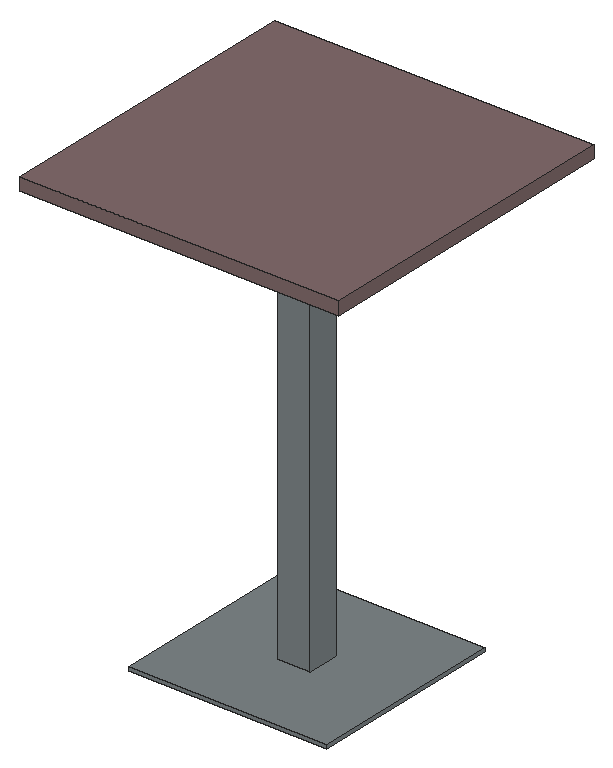
Revit family "FU_Table_Sandler_584A-MT", category Furniture, Revit 2020
Family settings
  OmniClass Number = 23.40.20.00
  OmniClass Title = General Furniture and Specialties
  Work Plane-Based = No
  Always vertical = Yes
  Cut with Voids When Loaded = No
  Shared = No
  Room Calculation Point = No
Parameters (values of type "584A MT - 32" Square Top (80cm)")
  Width = 497 mm
  URL = "https://www.sandlerseating.com/product/584a-mt/"
  Top Type = FU_TableTops_MT Sqr : 32" Square (80cm)
  Top Elevation = Height  # 1100 mm
  Top Finish [instance] = Wood - Beech - Dark Brown Stained
  Model = "584A MT"
  Manufacturer = "Sandler"
  Height = 1100 mm
  Frame Finish [instance] = Metal - Paint -AL VR - Anthracite Grey
  Description = "Table base. Available in powdercoat painted finishes.\r\nOptional upcharge for outdoor version with galvanized-treated frame and adjustable feet."
  Depth = Width  # 497 mm
  Default Elevation = 0 mm
Types (3, lengths in mm): name | Top Type | Top Finish | Frame Finish
  (no name) | FU_TableTops_MT Sqr : 32" Square (80cm) | Wood - Beech - Dark Brown Stained | Metal - Paint -AL VR - Anthracite Grey
  584A MT - 32" Square Top (80cm) | FU_TableTops_MT Sqr : 32" Square (80cm) | Wood - Beech - Dark Brown Stained | Metal - Paint -AL VR - Anthracite Grey
  584A MT - 32" Round Top (80cm) | FU_TableTops_MT Rnd : 32" Round (80cm) | Wood - Beech - Grey Stained | Metal - Paint -AL VR - Pure White
Reference planes
  plane 1 "Center (Front/Back)": y = 0
  plane 2: z = 0
  plane 3 "Center (Left/Right)": x = 0
  plane 4 "Right": x = -248.5
  plane 5 "Left": x = 248.5
  plane 6 "Back": y = 248.5
  plane 7 "Front": y = -248.5
  plane 8 "Height": z = 1100
  plane 9 "Top Support": z = 1080
  plane 10 "Glide Height": z = 6
  plane 11 "Base height": z = 14
  plane 12 "R Pad C": x = -232.5
  plane 13 "B Pad C": y = 232.5
  plane 14 "L Pad C": x = 232.5
  plane 15 "F Pad C": y = -232.5
Forms (mm)
  Extrusion 1, solid, material "Metal - Paint -AL VR - Anthracite Grey" <- "Frame Finish"
    sketch origin (0, 0, 6) x (-1, 0, 0) y (0, -1, 0)
      loop
        line (248.5, -248.5) -> (248.5, 248.5) -> (-248.5, 248.5) -> (-248.5, -248.5) -> (248.5, -248.5)
    from 0 to 8
  Revolve 2, solid, material "Rubber, Black"
    sketch origin (0, 0, 0) x (1, 0, 0) y (0, 0, 1)
      loop
        line (-232.5, 0) -> (-232.5, 6) -> (-240.5, 6) -> (-240.5, 2)
        arc (-240.5, 2) -> (-239.914, 0.586) -> (-238.5, 0) r 2
        line (-238.5, 0) -> (-232.5, 0)
      axis (-232.5, 6) -> (-232.5, 0)
    angle from 0 to 360
  Revolve 3, solid, material "Rubber, Black"
    sketch origin (0, 0, 0) x (-1, 0, 0) y (0, 0, 1)
      loop
        line (-232.5, 0) -> (-232.5, 6) -> (-240.5, 6) -> (-240.5, 2)
        arc (-240.5, 2) -> (-239.914, 0.586) -> (-238.5, 0) r 2
        line (-238.5, 0) -> (-232.5, 0)
      axis (-232.5, 6) -> (-232.5, 0)
    angle from 0 to 360
  Revolve 4, solid, material "Rubber, Black"
    sketch origin (0, 0, 0) x (0, 1, 0) y (0, 0, 1)
      loop
        line (-232.5, 6) -> (-240.5, 6) -> (-240.5, 2)
        arc (-240.5, 2) -> (-239.914, 0.586) -> (-238.5, 0) r 2
        line (-238.5, 0) -> (-232.5, 0) -> (-232.5, 6)
      axis (-232.5, 6) -> (-232.5, 0)
    angle from 0 to 360
  Revolve 5, solid, material "Rubber, Black"
    sketch origin (0, 0, 0) x (0, -1, 0) y (0, 0, 1)
      loop
        line (-232.5, 6) -> (-240.5, 6) -> (-240.5, 2)
        arc (-240.5, 2) -> (-239.914, 0.586) -> (-238.5, 0) r 2
        line (-238.5, 0) -> (-232.5, 0) -> (-232.5, 6)
      axis (-232.5, 6) -> (-232.5, 0)
    angle from 0 to 360
  Extrusion 6, solid, material "Metal - Paint -AL VR - Anthracite Grey" <- "Frame Finish"
    sketch origin (0, 0, 6) x (-1, 0, 0) y (0, -1, 0)
      loop
        line (-40, 40) -> (-40, -40) -> (40, -40) -> (40, 40) -> (-40, 40)
    from 0 to 1074
Dimensions and locks
  equal spacing: plane 4 "Right", plane 3 "Center (Left/Right)", plane 5 "Left"
  "Width": plane 4 "Right" to plane 5 "Left"
  equal spacing: plane 6 "Back", plane 1 "Center (Front/Back)", plane 7 "Front"
  "Depth": plane 6 "Back" to plane 7 "Front"
  "Height": plane 8 "Height" to level
  locked: plane 8 "Height" to plane 9 "Top Support" at 20
  locked: plane 4 "Right" to plane 12 "R Pad C" at 16
  plane 14 "L Pad C" to plane 5 "Left" = 16 mm
  locked: plane 6 "Back" to plane 13 "B Pad C" at 16
  locked: plane 15 "F Pad C" to plane 7 "Front" at 16
  aligned and locked: level to plane 2
  aligned and locked: plane 11 "Base height" to Extrusion 1
  aligned and locked: Extrusion 1 to plane 11 "Base height"  (x3)
  aligned and locked: plane 8 "Height" to nested 1
  aligned and locked: Extrusion 6 to plane 10 "Glide Height"
  aligned and locked: plane 9 "Top Support" to Extrusion 6
  aligned and locked: Extrusion 1 sketch curve to plane 6 "Back"
  aligned and locked: Extrusion 1 sketch curve to plane 4 "Right"
  aligned and locked: plane 7 "Front" to Extrusion 1 sketch curve
  aligned and locked: plane 5 "Left" to Extrusion 1 sketch curve
Automatic sketch dimensions
  Revolve 2 sketch curve to plane 10 "Glide Height" = 0 mm
  Revolve 2 sketch curve to level = 0 mm
  plane 12 "R Pad C" to Revolve 2 sketch curve = 0 mm  (x2)
  Revolve 2 sketch curve to Revolve 2 sketch curve = 6 mm
  Revolve 2 sketch curve to Revolve 2 sketch curve = 2 mm
  Revolve 2 sketch curve to level = 10.049 mm
  Revolve 2 sketch curve to plane 11 "Base height" = 2.095 mm
  Revolve 3 sketch curve to plane 10 "Glide Height" = 0 mm
  Revolve 3 sketch curve to level = 0 mm
  Revolve 3 sketch curve to plane 14 "L Pad C" = 0 mm  (x2)
  Revolve 3 sketch curve to Revolve 3 sketch curve = 6 mm
  Revolve 3 sketch curve to Revolve 3 sketch curve = 2 mm
  level to Revolve 3 sketch curve = 10.049 mm
  plane 11 "Base height" to Revolve 3 sketch curve = 2.095 mm
  Revolve 4 sketch curve to plane 10 "Glide Height" = 0 mm
  Revolve 4 sketch curve to level = 0 mm
  Revolve 4 sketch curve to plane 15 "F Pad C" = 0 mm  (x2)
  level to Revolve 4 sketch curve = 2 mm
  plane 15 "F Pad C" to Revolve 4 sketch curve = 6 mm
  Revolve 4 sketch curve to level = 5.787 mm
  Revolve 4 sketch curve to plane 11 "Base height" = 1.201 mm
  Revolve 5 sketch curve to plane 10 "Glide Height" = 0 mm
  Revolve 5 sketch curve to level = 0 mm
  Revolve 5 sketch curve to plane 13 "B Pad C" = 0 mm  (x2)
  Revolve 5 sketch curve to level = 2 mm
  Revolve 5 sketch curve to plane 13 "B Pad C" = 6 mm
  Revolve 5 sketch curve to Revolve 5 sketch curve = 5.787 mm
  plane 11 "Base height" to Revolve 5 sketch curve = 1.201 mm
  plane 3 "Center (Left/Right)" to Extrusion 6 sketch curve = 40 mm
  plane 1 "Center (Front/Back)" to Extrusion 6 sketch curve = 40 mm
  Extrusion 6 sketch curve to plane 3 "Center (Left/Right)" = 40 mm
  Extrusion 6 sketch curve to plane 1 "Center (Front/Back)" = 40 mm
Nested families
  nested 1: "MT Top Support" at (0, 0, 380), Frame Finish <- "Frame Finish", type "MT Top Support"
    with Frame Finish Metal - Paint -AL VR - Anthracite Grey
  nested 2: "FU_TableTops_MT Sqr" at (0, 0, 0), Top Elevation <- "Top Elevation", Top Finish <- "Top Finish", type <- "Top Type", type "32" Square (80cm)"
    with Top Finish Wood - Beech - Dark Brown Stained, Top Elevation 1100 mm
Definition of nested family "MT Top Support"
  Parameters (values of type "MT Top Support")
    Frame Finish [instance] = none
    Default Elevation = 0 mm
  Reference planes
    plane 1 "Center (Front/Back)": y = 0
    plane 2: z = 0
    plane 3 "Center (Left/Right)": x = 0
    plane 4 "Right": x = -210
    plane 5 "Left": x = 210
    plane 6 "Back": y = 210
    plane 7 "Front": y = -210
    plane 8 "Height": z = 720
    plane 9: z = 700
  Forms (mm)
    Extrusion 1, solid, material <- "Frame Finish"
      sketch origin (0, 0, 700) x (-1, 0, 0) y (0, -1, 0)
        loop
          line (48, 44.024) -> (119.736, 115.76)
          arc (119.736, 115.76) -> (116.918, 118.6) -> (114.032, 121.37) r 166.741
          line (114.032, 121.37) -> (40.38, 47.718) -> (-40.38, 47.718) -> (-114.032, 121.37)
          arc (-114.032, 121.37) -> (-116.918, 118.6) -> (-119.736, 115.76) r 166.741
          line (-119.736, 115.76) -> (-48, 44.024) -> (-48, -44.024) -> (-120.014, -116.038)
          arc (-120.014, -116.038) -> (-117.202, -118.884) -> (-114.323, -121.661) r 166.741
          line (-114.323, -121.661) -> (-40.944, -48.282) -> (40.944, -48.282) -> (114.323, -121.661)
          arc (114.323, -121.661) -> (117.202, -118.884) -> (120.014, -116.038) r 166.741
          line (120.014, -116.038) -> (48, -44.024) -> (48, 44.024)
      from 0 to 15
    Extrusion 2, solid, material <- "Frame Finish"
      sketch origin (0, 0, 720) x (-1, 0, 0) y (0, -1, 0)
        loop
          arc (48, 9.198) -> (50.194, 20.46) -> (56.455, 30.074) r 30
          line (56.455, 30.074) -> (155.027, 131.809)
          arc (155.027, 131.809) -> (157.282, 137.439) -> (154.939, 143.033) r 8
          line (154.939, 143.033) -> (142.122, 155.85)
          arc (142.122, 155.85) -> (136.465, 158.193) -> (130.808, 155.85) r 8
          line (130.808, 155.85) -> (32.027, 57.069)
          arc (32.027, 57.069) -> (22.294, 50.566) -> (10.814, 48.282) r 30
          line (10.814, 48.282) -> (-10.814, 48.282)
          arc (-10.814, 48.282) -> (-22.294, 50.566) -> (-32.027, 57.069) r 30
          line (-32.027, 57.069) -> (-130.808, 155.85)
          arc (-130.808, 155.85) -> (-136.465, 158.193) -> (-142.122, 155.85) r 8
          line (-142.122, 155.85) -> (-154.939, 143.033)
          arc (-154.939, 143.033) -> (-157.282, 137.439) -> (-155.027, 131.809) r 8
          line (-155.027, 131.809) -> (-56.455, 30.074)
          arc (-56.455, 30.074) -> (-50.194, 20.46) -> (-48, 9.198) r 30
          line (-48, 9.198) -> (-48, -9.198)
          arc (-48, -9.198) -> (-50.194, -20.46) -> (-56.455, -30.074) r 30
          line (-56.455, -30.074) -> (-155.027, -131.809)
          arc (-155.027, -131.809) -> (-157.282, -137.439) -> (-154.939, -143.033) r 8
          line (-154.939, -143.033) -> (-142.122, -155.85)
          arc (-142.122, -155.85) -> (-136.465, -158.193) -> (-130.808, -155.85) r 8
          line (-130.808, -155.85) -> (-32.027, -57.069)
          arc (-32.027, -57.069) -> (-22.294, -50.566) -> (-10.814, -48.282) r 30
          line (-10.814, -48.282) -> (10.814, -48.282)
          arc (10.814, -48.282) -> (22.294, -50.566) -> (32.027, -57.069) r 30
          line (32.027, -57.069) -> (130.808, -155.85)
          arc (130.808, -155.85) -> (136.465, -158.193) -> (142.122, -155.85) r 8
          line (142.122, -155.85) -> (154.939, -143.033)
          arc (154.939, -143.033) -> (157.282, -137.439) -> (155.027, -131.809) r 8
          line (155.027, -131.809) -> (56.455, -30.074)
          arc (56.455, -30.074) -> (50.194, -20.46) -> (48, -9.198) r 30
          line (48, -9.198) -> (48, 9.198)
        loop
          line (-134.399, -141.055) -> (-124.502, -131.158)
          arc (-124.502, -131.158) -> (-124.502, -125.502) -> (-130.158, -125.502) r 3.999
          line (-130.158, -125.502) -> (-140.055, -135.399)
          arc (-140.055, -135.399) -> (-140, -141.001) -> (-134.399, -141.055) r 4
        loop
          arc (134.399, -141.055) -> (140, -141.001) -> (140.055, -135.399) r 4
          line (140.055, -135.399) -> (130.158, -125.502)
          arc (130.158, -125.502) -> (124.502, -125.502) -> (124.502, -131.158) r 3.999
          line (124.502, -131.158) -> (134.399, -141.055)
        loop
          arc (-134.399, 141.055) -> (-140, 141.001) -> (-140.055, 135.399) r 4
          line (-140.055, 135.399) -> (-130.158, 125.502)
          arc (-130.158, 125.502) -> (-124.502, 125.502) -> (-124.502, 131.158) r 3.999
          line (-124.502, 131.158) -> (-134.399, 141.055)
        loop
          line (134.399, 141.055) -> (124.502, 131.158)
          arc (124.502, 131.158) -> (124.502, 125.502) -> (130.158, 125.502) r 3.999
          line (130.158, 125.502) -> (140.055, 135.399)
          arc (140.055, 135.399) -> (140, 141.001) -> (134.399, 141.055) r 4
        loop
          circle (0, 0) r 7.5
      from -10 to 0
  Dimensions and locks
    equal spacing: plane 4 "Right", plane 3 "Center (Left/Right)", plane 5 "Left"
    plane 4 "Right" to plane 5 "Left" = 420 mm
    equal spacing: plane 6 "Back", plane 1 "Center (Front/Back)", plane 7 "Front"
    plane 6 "Back" to plane 7 "Front" = 420 mm
    plane 8 "Height" to level = 720 mm
    locked: plane 8 "Height" to plane 9 at 20
    aligned and locked: level to plane 2
  Automatic sketch dimensions
    plane 1 "Center (Front/Back)" to Extrusion 2 sketch curve = 0 mm
    Extrusion 2 sketch curve to plane 3 "Center (Left/Right)" = 0 mm
    plane 3 "Center (Left/Right)" to Extrusion 2 sketch curve = 10.814 mm  (x2)
    Extrusion 2 sketch curve to Extrusion 2 sketch curve = 21.213 mm  (x4)
    plane 1 "Center (Front/Back)" to Extrusion 2 sketch curve = 9.198 mm  (x2)
    plane 3 "Center (Left/Right)" to Extrusion 2 sketch curve = 48 mm
    Extrusion 2 sketch curve to plane 1 "Center (Front/Back)" = 30.074 mm  (x2)
    Extrusion 2 sketch curve to Extrusion 2 sketch curve = 8.455 mm  (x4)
    plane 1 "Center (Front/Back)" to Extrusion 2 sketch curve = 30.074 mm  (x2)
    Extrusion 2 sketch curve to plane 1 "Center (Front/Back)" = 9.198 mm  (x2)
    plane 5 "Left" to Extrusion 2 sketch curve = 85.498 mm  (x2)
    Extrusion 2 sketch curve to Extrusion 2 sketch curve = 2.828 mm  (x12)
    Extrusion 2 sketch curve to Extrusion 2 sketch curve = 6.306 mm  (x4)
    Extrusion 2 sketch curve to Extrusion 2 sketch curve = 9.897 mm  (x8)
    Extrusion 2 sketch curve to Extrusion 2 sketch curve = 5.657 mm  (x16)
    Extrusion 2 sketch curve to Extrusion 2 sketch curve = 2.773 mm  (x8)
    Extrusion 2 sketch curve to Extrusion 2 sketch curve = 2.883 mm  (x4)
    Extrusion 2 sketch curve to Extrusion 2 sketch curve = 9.227 mm  (x4)
    Extrusion 2 sketch curve to Extrusion 2 sketch curve = 5.745 mm  (x4)
    Extrusion 2 sketch curve to plane 3 "Center (Left/Right)" = 10.814 mm  (x2)
    Extrusion 2 sketch curve to plane 3 "Center (Left/Right)" = 48 mm
    Extrusion 2 sketch curve to plane 1 "Center (Front/Back)" = 48.282 mm
    Extrusion 2 sketch curve to Extrusion 2 sketch curve = 8.787 mm  (x4)
    Extrusion 2 sketch curve to plane 6 "Back" = 84.498 mm  (x2)
    Extrusion 2 sketch curve to Extrusion 2 sketch curve = 6.307 mm  (x4)
    Extrusion 2 sketch curve to Extrusion 2 sketch curve = 5.567 mm  (x4)
    Extrusion 2 sketch curve to Extrusion 2 sketch curve = 9.138 mm  (x4)
    plane 1 "Center (Front/Back)" to Extrusion 2 sketch curve = 48.282 mm
    plane 7 "Front" to Extrusion 2 sketch curve = 84.498 mm  (x2)
    Extrusion 1 sketch curve to Extrusion 1 sketch curve = 0 mm  (x12)
    Extrusion 1 sketch curve to plane 3 "Center (Left/Right)" = 0 mm
    plane 3 "Center (Left/Right)" to Extrusion 1 sketch curve = 40.38 mm
    plane 3 "Center (Left/Right)" to Extrusion 1 sketch curve = 40.944 mm
    Extrusion 1 sketch curve to Extrusion 1 sketch curve = 7.056 mm  (x2)
    plane 5 "Left" to Extrusion 1 sketch curve = 95.968 mm
    plane 5 "Left" to Extrusion 1 sketch curve = 95.677 mm
    Extrusion 1 sketch curve to Extrusion 1 sketch curve = 5.704 mm  (x2)
    Extrusion 1 sketch curve to Extrusion 1 sketch curve = 5.691 mm  (x2)
    Extrusion 1 sketch curve to plane 3 "Center (Left/Right)" = 40.38 mm
    Extrusion 1 sketch curve to plane 3 "Center (Left/Right)" = 40.944 mm
    Extrusion 1 sketch curve to plane 6 "Back" = 88.339 mm  (x2)
    Extrusion 1 sketch curve to Extrusion 1 sketch curve = 5.623 mm
    Extrusion 1 sketch curve to plane 1 "Center (Front/Back)" = 48.282 mm
    Extrusion 1 sketch curve to Extrusion 1 sketch curve = 4.258 mm  (x2)
    plane 1 "Center (Front/Back)" to Extrusion 1 sketch curve = 44.024 mm  (x2)
    Extrusion 1 sketch curve to Extrusion 1 sketch curve = 3.693 mm
    plane 7 "Front" to Extrusion 1 sketch curve = 94.24 mm  (x2)
    Extrusion 1 sketch curve to plane 4 "Right" = 95.968 mm
    Extrusion 1 sketch curve to plane 4 "Right" = 95.677 mm
    Extrusion 2 sketch curve to plane 4 "Right" = 85.498 mm  (x2)
    radius of Extrusion 2 sketch curve = 7.5 mm
Definition of nested family "FU_TableTops_MT Sqr"
  Parameters (values of type "24" Square (60cm)")
    Width = 600 mm
    Top Finish [instance] = none
    Top Elevation [instance] = 1100 mm
    Depth = 600 mm
    Default Elevation = 0 mm
  Types (9, lengths in mm): name | Width | Depth
    28x48" Top (70x120cm) | 1200 | 700
    28x52" Top (70x130cm) | 1300 | 700
    32x48" Top (80x120cm) | 1200 | 800
    32x52" Top (80x130cm) | 1300 | 800
    28x55" Top (70x140cm) | 1400 | 700
    32x55" Top (80x140cm) | 1400 | 800
    24" Square (60cm) | 600 | 600
    28" Square (70cm) | 700 | 700
    32" Square (80cm) | 800 | 800
  Reference planes
    plane 1 "Center (Front/Back)": y = 0
    plane 2: z = 0
    plane 3 "Center (Left/Right)": x = 0
    plane 4 "Right": x = -300
    plane 5 "Left": x = 300
    plane 6 "Back": y = 300
    plane 7 "Front": y = -300
    plane 8 "Elevation": z = 1100
    plane 9 "Top Height": z = 1131.75
  Forms (mm)
    Extrusion 1, solid, material <- "Top Finish"
      sketch origin (0, 0, 1100) x (-1, 0, 0) y (0, -1, 0)
        loop
          line (300, -300) -> (300, 300) -> (-300, 300) -> (-300, -300) -> (300, -300)
      from 0 to 31.75
  Dimensions and locks
    equal spacing: plane 4 "Right", plane 3 "Center (Left/Right)", plane 5 "Left"
    "Width": plane 4 "Right" to plane 5 "Left"
    equal spacing: plane 6 "Back", plane 1 "Center (Front/Back)", plane 7 "Front"
    "Depth": plane 6 "Back" to plane 7 "Front"
    "Top Elevation": plane 8 "Elevation" to level
    locked: plane 9 "Top Height" to plane 8 "Elevation" at 31.75
    aligned and locked: level to plane 2
    aligned and locked: Extrusion 1 sketch curve to plane 6 "Back"
    aligned and locked: Extrusion 1 sketch curve to plane 4 "Right"
    aligned and locked: plane 7 "Front" to Extrusion 1 sketch curve
    aligned and locked: plane 5 "Left" to Extrusion 1 sketch curve
    aligned and locked: Extrusion 1 to plane 8 "Elevation"
    aligned and locked: plane 8 "Elevation" to Extrusion 1  (x2)
    aligned and locked: plane 9 "Top Height" to Extrusion 1
    aligned and locked: Extrusion 1 to plane 9 "Top Height"
